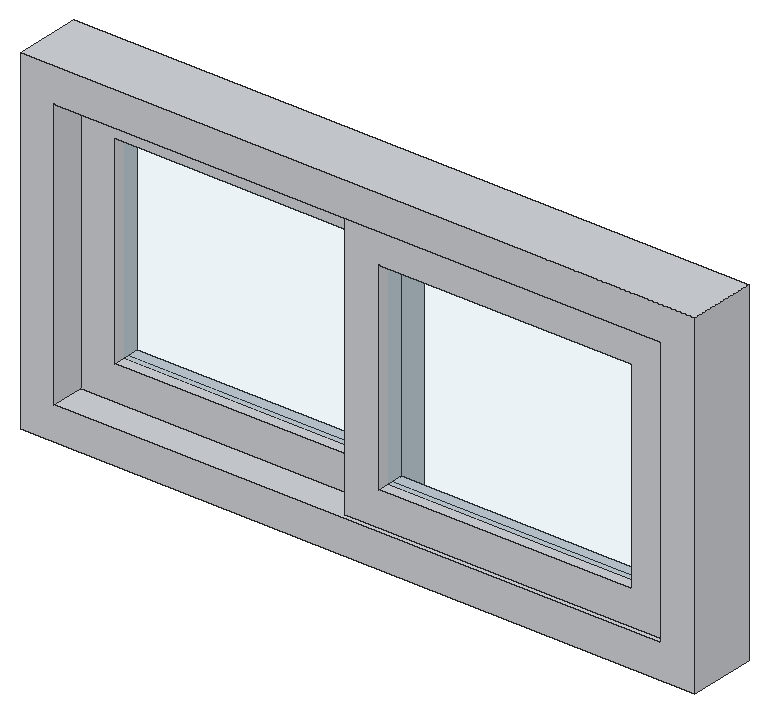
Revit family "W4_W5_W5A_鋁窗1", category 窗, Revit 2014
Parameters (values of type "120 x 60 cm")
  熱阻 (R) = 0.271106 (m²·K)/W
  Visual Light Transmittance = 0.9
  Solar Heat Gain Coefficient = 0.78
  營造類型 Id = "GSP4R"
  Height = 600 mm
  傳熱係數 (U) = 3.6886 W/(m²·K)
  預設窗台高度 = 1100 mm
  關鍵註記 = "雙開窗"
  Rough Height = Height  # 600 mm
  Rough Width = Width  # 1200 mm
  裝飾外框寬度 = 60 mm
  玻璃材質 = 玻璃
  牆封閉 = 依主體
  裝飾外框材料 = none
  裝飾外框厚度 = 120 mm
  Width = 1200 mm
  操作 = "垂直雙重面板"
  內部框架材料 = none
  內框寬度 = 60 mm
  內框厚度 = 50 mm
  解析營造 = "1/8 英吋 Pilkington 單層鑲嵌玻璃"
Types (2, lengths in mm): name | Height | 預設窗台高度 | Rough Height | Rough Width | Width
  120 x 60 cm | 600 | 1100 | 600 | 1200 | 1200
  80 x 95 cm | 950 | 1550 | 950 | 800 | 800
Reference planes
  plane 1: y = -180
  plane 2 "中心 (左/右)": x = 0
  plane 3 "左": x = -600
  plane 4 "右": x = 600
  plane 5 "窗台": z = 1100
  plane 6 "窗頂": z = 1700
  plane 7 "外部": y = -105
  plane 8 "內部": y = -255
  plane 9: x = -30
  plane 10: x = 30
  plane 11: y = -120
  plane 12: y = -240
  plane 13: x = -540
  plane 14: x = 540
  plane 15: z = 1640
  plane 16: z = 1160
Forms (mm)
  Extrusion 1, solid, material <- "裝飾外框材料"
    sketch origin (0, -180, 0) x (1, 0, 0) y (0, 0, 1)
      loop
        line (-600, 1700) -> (-600, 1100) -> (600, 1100) -> (600, 1700) -> (-600, 1700)
      loop
        line (-540, 1640) -> (-540, 1160) -> (540, 1160) -> (540, 1640) -> (-540, 1640)
    from 60 to -60
Lines and regions (mm)
  Opening 1
    outline origin (3442.648, -255, 0) x (1, 0, 0) y (0, 0, 1)
      loop
        line (-2842.648, 1100) -> (-2842.648, 1700) -> (-4042.648, 1700) -> (-4042.648, 1100) -> (-2842.648, 1100)
Text (mm)
  text "外部" at (-1963.203, 1332.353, 0), in view "參考樓層"
  text "內部" at (-1981.466, -818.386, 0), in view "參考樓層"
  text "外部" at (0, 923.751, 2943.296), in view "右"
  text "外部" at (0, 1040.484, 2685.409), in view "左"
Dimensions and locks
  equal spacing: plane 3 "左", plane 2 "中心 (左/右)", plane 4 "右"
  "Width": plane 3 "左" to plane 4 "右"
  "Height": plane 5 "窗台" to plane 6 "窗頂"
  "預設窗台高度": plane 5 "窗台" to level
  locked: plane 7 "外部" to host wall at 0
  locked: plane 8 "內部" to host wall
  equal spacing: plane 9, plane 2 "中心 (左/右)", plane 10
  "內框寬度": plane 9 to plane 10
  equal spacing: plane 11, plane 1, plane 12
  "裝飾外框厚度": plane 11 to plane 12
  "裝飾外框寬度": plane 6 "窗頂" to plane 15
  "裝飾外框寬度": plane 16 to plane 5 "窗台"
  "裝飾外框寬度": plane 3 "左" to plane 13
  "裝飾外框寬度": plane 14 to plane 4 "右"
  aligned and locked: plane 1 to nested 1
  aligned and locked: plane 1 to nested 2
  aligned and locked: nested 1 to plane 10
  aligned and locked: nested 2 to plane 9
  aligned and locked: plane 1 to host wall
  aligned and locked: host wall to Extrusion 1 sketch curve
  aligned and locked: Extrusion 1 sketch curve to host wall  (x3)
  aligned and locked: Opening 1 sketch curve to plane 6 "窗頂"
  aligned and locked: Opening 1 sketch curve to plane 4 "右"
  aligned and locked: Opening 1 sketch curve to plane 5 "窗台"
  aligned and locked: Opening 1 sketch curve to plane 3 "左"
  aligned and locked: Extrusion 1 sketch curve to plane 15
  aligned and locked: plane 13 to Extrusion 1 sketch curve
  aligned and locked: Extrusion 1 sketch curve to plane 14
  aligned and locked: plane 16 to Extrusion 1 sketch curve
  aligned and locked: plane 15 to nested 2
  aligned and locked: plane 16 to nested 2
  aligned and locked: nested 1 to plane 15
  aligned and locked: nested 1 to plane 16
  aligned and locked: nested 1 to plane 13
  aligned and locked: plane 14 to nested 2
  aligned and locked: plane 11 to Extrusion 1
  aligned and locked: Extrusion 1 to plane 12
Nested families
  nested 1: "窗框" at (-522.428, -1099.367, 160), type "窗框"
    with Height 480 mm, Width 570 mm
  nested 2: "窗框" at (-12.428, 739.367, 160), type "窗框"
    with Height 480 mm, Width 570 mm
Definition of nested family "窗框"
  Parameters (values of type "窗框")
    Height [instance] = 500 mm
    護桿寬度 = 20 mm
    護桿厚度 = 10 mm
    Rough Height = 500 mm
    Rough Width = 600 mm
    Width [instance] = 600 mm
    裝飾外框材料 = none
    玻璃材質 = none
    玻璃厚度 = 10 mm
    裝飾外框寬度 = 60 mm
    裝飾外框厚度 = 50 mm
    Assembly Code = ""
  Reference planes
    plane 1 "中心 (前/後)": y = -919.367
    plane 2: z = 0
    plane 3 "中心 (左/右)": x = 267.428
    plane 4 "玻璃-上": y = -939.367
    plane 5 "玻璃-下": y = -949.367
    plane 6: y = -969.367
    plane 7: x = -32.572
    plane 8: x = 567.428
    plane 9: x = 27.428
    plane 10: x = 507.428
    plane 11: z = 1440
    plane 12: z = 1500
    plane 13: z = 1060
    plane 14: z = 1000
    plane 15: y = -944.367
  Forms (mm)
    Extrusion 1, solid, material <- "玻璃材質"
      sketch origin (-1499.274, -944.367, 1200) x (-1, 0, 0) y (0, 0, 1)
        loop
          line (-1526.702, 240) -> (-2006.702, 240) -> (-2006.702, -140) -> (-1526.702, -140) -> (-1526.702, 240)
      from -5 to 5
    Extrusion 2, solid, material <- "裝飾外框材料"
      sketch origin (-1499.274, -944.367, 1200) x (-1, 0, 0) y (0, 0, 1)
        loop
          line (-1466.702, 300) -> (-2066.702, 300) -> (-2066.702, -200) -> (-1466.702, -200) -> (-1466.702, 300)
        loop
          line (-1526.702, 240) -> (-2006.702, 240) -> (-2006.702, -140) -> (-1526.702, -140) -> (-1526.702, 240)
      from -25 to 25
  Dimensions and locks
    equal spacing: plane 10, plane 3 "中心 (左/右)", plane 9
    "裝飾外框寬度": plane 8 to plane 10
    "裝飾外框寬度": plane 9 to plane 7
    "裝飾外框寬度": plane 12 to plane 11
    "Width": plane 8 to plane 7
    "裝飾外框寬度": plane 13 to plane 14
    "Height": plane 12 to plane 14
    plane 14 to level = 1000 mm
    equal spacing: plane 4 "玻璃-上", plane 15, plane 5 "玻璃-下"
    "玻璃厚度": plane 4 "玻璃-上" to plane 5 "玻璃-下"
    equal spacing: plane 6, plane 15, plane 1 "中心 (前/後)"
    "裝飾外框厚度": plane 6 to plane 1 "中心 (前/後)"
    aligned and locked: Extrusion 1 sketch curve to plane 11
    aligned and locked: plane 9 to Extrusion 1 sketch curve
    aligned and locked: Extrusion 1 sketch curve to plane 10
    aligned and locked: plane 13 to Extrusion 1 sketch curve
    aligned and locked: plane 7 to Extrusion 2 sketch curve
    aligned and locked: Extrusion 2 sketch curve to plane 12
    aligned and locked: Extrusion 2 sketch curve to plane 8
    aligned and locked: plane 9 to Extrusion 2 sketch curve
    aligned and locked: plane 13 to Extrusion 2 sketch curve
    aligned and locked: Extrusion 2 sketch curve to plane 10
    aligned and locked: Extrusion 2 sketch curve to plane 11
    aligned and locked: Extrusion 2 sketch curve to plane 14
    aligned and locked: plane 2 to level
    aligned and locked: plane 6 to Extrusion 2
    aligned and locked: plane 1 "中心 (前/後)" to Extrusion 2
    aligned and locked: plane 5 "玻璃-下" to Extrusion 1
    aligned and locked: plane 4 "玻璃-上" to Extrusion 1
